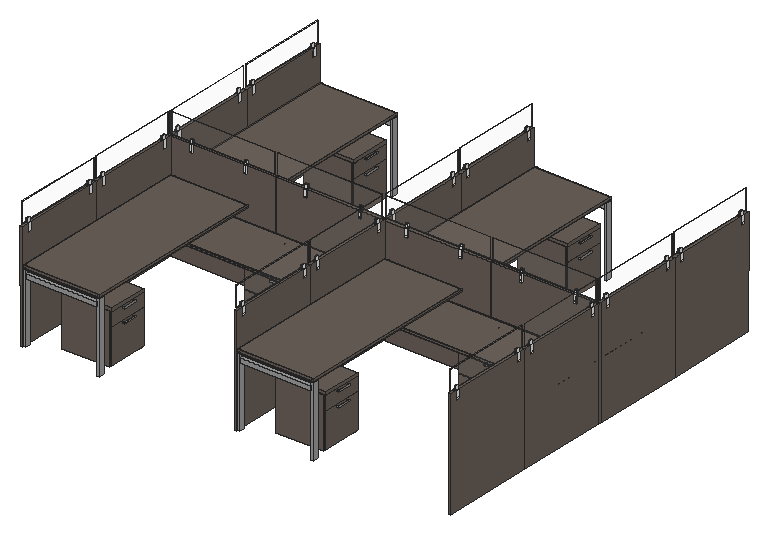
Revit family "OFS TYPICAL T200171", category Furniture, Revit 2022 (continued)
Definition of nested family "STAKS RECTANGULAR WORKSURFACES Worksurface Height"
  Parameters (values of type "STAKS RECTANGULAR WORKSURFACE 54 x 30")
    Depth = 2' - 6"
    Model = "6-MCT-54/30"
    Manufacturer = "OFS"
    Description = "OFS STAKS 54\" X 30\" RECTANGULAR WORKSURFACE For Worksurface or Low Height Applications, Short Grain"
    Width = 4' - 6"
    Default Elevation = 0' - 0"
    Copyright © = "© 2018 OFS"
    Catalog = "https://ofs.com/products/casegoods/private-office/staks"
    Authoring Version = "Autodesk Revit Architecture 2013"
    Assembly Code = "E2020200"
  Types (12): name | Depth | Model | Description | Width
    STAKS RECTANGULAR WORKSURFACE 60 x 30 | 2' - 6" | "6-MCT-60/30" | "OFS STAKS 60\" X 30\" RECTANGULAR WORKSURFACE For Worksurface or Low Height Applications, Short Grain" | 5' - 0"
    STAKS RECTANGULAR WORKSURFACE 66 x 30 | 2' - 6" | "6-MCT-66/30" | "OFS STAKS 66\" X 30\" RECTANGULAR WORKSURFACE For Worksurface or Low Height Applications, Short Grain" | 5' - 6"
    STAKS RECTANGULAR WORKSURFACE 72 x 30 | 2' - 6" | "6-MCT-72/30" | "OFS STAKS 72\" X 30\" RECTANGULAR WORKSURFACE For Worksurface or Low Height Applications, Short Grain" | 6' - 0"
    STAKS RECTANGULAR WORKSURFACE 78 x 30 | 2' - 6" | "6-MCT-78/30" | "OFS STAKS 78\" X 30\" RECTANGULAR WORKSURFACE For Worksurface or Low Height Applications, Short Grain" | 6' - 6"
    STAKS RECTANGULAR WORKSURFACE 84 x 30 | 2' - 6" | "6-MCT-84/30" | "OFS STAKS 84\" X 30\" RECTANGULAR WORKSURFACE For Worksurface or Low Height Applications, Short Grain" | 7' - 0"
    STAKS RECTANGULAR WORKSURFACE 96 x 30 | 2' - 6" | "6-MCT-96/30" | "OFS STAKS 96\" X 30\" RECTANGULAR WORKSURFACE For Worksurface or Low Height Applications, Short Grain" | 8' - 0"
    STAKS RECTANGULAR WORKSURFACE 54 x 30 | 2' - 6" | "6-MCT-54/30" | "OFS STAKS 54\" X 30\" RECTANGULAR WORKSURFACE For Worksurface or Low Height Applications, Short Grain" | 4' - 6"
    STAKS RECTANGULAR WORKSURFACE 60 x 36 | 3' - 0" | "6-MCT-60/36" | "OFS STAKS 60\" X 36\" RECTANGULAR WORKSURFACE For Worksurface or Low Height Applications, Short Grain" | 5' - 0"
    STAKS RECTANGULAR WORKSURFACE 66 x 36 | 3' - 0" | "6-MCT-66/36" | "OFS STAKS 66\" X 36\" RECTANGULAR WORKSURFACE For Worksurface or Low Height Applications, Short Grain" | 5' - 6"
    STAKS RECTANGULAR WORKSURFACE 72 x 36 | 3' - 0" | "6-MCT-72/36" | "OFS STAKS 72\" X 36\" RECTANGULAR WORKSURFACE For Worksurface or Low Height Applications, Short Grain" | 6' - 0"
    STAKS RECTANGULAR WORKSURFACE 78 x 36 | 3' - 0" | "6-MCT-78/36" | "OFS STAKS 78\" X 36\" RECTANGULAR WORKSURFACE For Worksurface or Low Height Applications, Short Grain" | 6' - 6"
    STAKS RECTANGULAR WORKSURFACE 84 x 36 | 3' - 0" | "6-MCT-84/36" | "OFS STAKS 84\" X 36\" RECTANGULAR WORKSURFACE For Worksurface or Low Height Applications, Short Grain" | 7' - 0"
  Reference planes (in)
    plane 1: z = -0.125
    plane 2 "LEFT": x = 7.55498
    plane 3 "RIGHT": x = 61.55498
    plane 4 "BACK": y = -1.83365
    plane 5 "FRONT": y = -31.83365
    plane 6: x = 7.67998
    plane 7: x = 61.42998
    plane 8: y = -1.95865
    plane 9: y = -31.70865
    plane 10: z = 27.75
    plane 11 "SURFACE TOP": z = 28.875
  Forms (in)
    Extrusion 1, solid
      sketch origin (0, 0, 17.125) x (-1, 0, 0) y (0, -1, 0)
        loop
          line (-7.67998, 1.95865) -> (-7.67998, 31.70865) -> (-61.42998, 31.70865) -> (-61.42998, 1.95865) -> (-7.67998, 1.95865)
      from 11.75 to 10.625
    Sweep 2, solid
      path origin (0, 0, 28.875) x (0, 1, 0) y (-1, 0, 0)
        loop
          line (-31.83365, -7.55498) -> (-31.83365, -61.55498) -> (-1.83365, -61.55498) -> (-1.83365, -7.55498) -> (-31.83365, -7.55498)
      profile origin (34.55498, -31.83365, 28.875) x (0, 1, 0) y (0, 0, 1)
        loop
          arc (0.125, 0) -> (0.03661, -0.03661) -> (0, -0.125) r 0.125
          line (0, -0.125) -> (0, -1)
          arc (0, -1) -> (0.03661, -1.08839) -> (0.125, -1.125) r 0.125
          line (0.125, -1.125) -> (0.125, 0)
  Lines and regions (in)
    Masking region 1
      outline origin (0, 0, 16.625) x (-1, 0, 0) y (0, -1, 0)
        loop
          line (-7.67998, 1.95865) -> (-7.55498, 1.83365) -> (-7.55498, 31.83365) -> (-7.67998, 31.70865) -> (-7.67998, 1.95865)
    Masking region 2
      outline origin (0, 0, 16.625) x (-1, 0, 0) y (0, -1, 0)
        loop
          line (-7.55498, 1.83365) -> (-7.67998, 1.95865) -> (-61.42998, 1.95865) -> (-61.55498, 1.83365) -> (-7.55498, 1.83365)
    Masking region 3
      outline origin (0, 0, 16.625) x (-1, 0, 0) y (0, -1, 0)
        loop
          line (-61.55498, 1.83365) -> (-61.42998, 1.95865) -> (-61.42998, 31.70865) -> (-61.55498, 31.83365) -> (-61.55498, 1.83365)
    Masking region 4
      outline origin (0, 0, 16.625) x (-1, 0, 0) y (0, -1, 0)
        loop
          line (-61.55498, 31.83365) -> (-61.42998, 31.70865) -> (-7.67998, 31.70865) -> (-7.55498, 31.83365) -> (-61.55498, 31.83365)
    Masking region 5
      outline origin (0, 0, 16.625) x (-1, 0, 0) y (0, -1, 0)
        loop
          line (-61.42998, 31.70865) -> (-61.42998, 1.95865) -> (-7.67998, 1.95865) -> (-7.67998, 31.70865) -> (-61.42998, 31.70865)
  Dimensions and locks (in)
    "Depth": plane 4 "BACK" to plane 5 "FRONT"
    "Width": plane 2 "LEFT" to plane 3 "RIGHT"
    "Height": plane 11 "SURFACE TOP" to plane 10
    locked: plane 4 "BACK" to plane 8 at 0.125
    locked: plane 2 "LEFT" to plane 6 at 0.125
    locked: plane 7 to plane 3 "RIGHT" at 0.125
    locked: plane 9 to plane 5 "FRONT" at 0.125
    "Height Above Floor": plane 11 "SURFACE TOP" to level
    aligned: level to plane 1
    aligned and locked: plane 8 to Extrusion 1 sketch curve
    aligned and locked: Extrusion 1 sketch curve to plane 6
    aligned and locked: Extrusion 1 sketch curve to plane 9
    aligned and locked: plane 7 to Extrusion 1 sketch curve
    aligned and locked: plane 11 "SURFACE TOP" to Extrusion 1
    aligned and locked: Extrusion 1 to plane 10
    aligned and locked: Sweep 2 sketch curve to plane 5 "FRONT"
    aligned and locked: Sweep 2 sketch curve to plane 2 "LEFT"
    aligned and locked: plane 4 "BACK" to Sweep 2 sketch curve
    aligned and locked: plane 3 "RIGHT" to Sweep 2 sketch curve
  Automatic sketch dimensions
    Masking region 1 sketch curve to plane 6 = 0' - 0"
    Masking region 1 sketch curve to plane 2 "LEFT" = 0' - 0"
    Masking region 1 sketch curve to plane 4 "BACK" = 0' - 0"
    Masking region 1 sketch curve to plane 8 = 0' - 0"
    Masking region 1 sketch curve to plane 9 = 0' - 0"
    Masking region 1 sketch curve to plane 5 "FRONT" = 0' - 0"
    Masking region 2 sketch curve to plane 3 "RIGHT" = 0' - 0"
    Masking region 2 sketch curve to plane 7 = 0' - 0"
    Masking region 2 sketch curve to plane 6 = 0' - 0"
    Masking region 2 sketch curve to plane 2 "LEFT" = 0' - 0"
    Masking region 2 sketch curve to plane 4 "BACK" = 0' - 0"
    Masking region 2 sketch curve to plane 8 = 0' - 0"
    Masking region 3 sketch curve to plane 3 "RIGHT" = 0' - 0"
    Masking region 3 sketch curve to plane 7 = 0' - 0"
    Masking region 3 sketch curve to plane 4 "BACK" = 0' - 0"
    Masking region 3 sketch curve to plane 8 = 0' - 0"
    Masking region 3 sketch curve to plane 9 = 0' - 0"
    Masking region 3 sketch curve to plane 5 "FRONT" = 0' - 0"
    Masking region 4 sketch curve to plane 3 "RIGHT" = 0' - 0"
    Masking region 4 sketch curve to plane 7 = 0' - 0"
    Masking region 4 sketch curve to plane 6 = 0' - 0"
    Masking region 4 sketch curve to plane 2 "LEFT" = 0' - 0"
    Masking region 4 sketch curve to plane 9 = 0' - 0"
    Masking region 4 sketch curve to plane 5 "FRONT" = 0' - 0"
    Masking region 5 sketch curve to plane 7 = 0' - 0"
    Masking region 5 sketch curve to plane 6 = 0' - 0"
    Masking region 5 sketch curve to plane 8 = 0' - 0"
    Masking region 5 sketch curve to plane 9 = 0' - 0"
    Sweep 2 sketch curve to profile plane = 0' - 0"
    Sweep 2 sketch curve to plane 11 "SURFACE TOP" = 0' - 0"
    Sweep 2 sketch curve to profile plane = 0' - 0 1/8"
    Sweep 2 sketch curve to Sweep 2 sketch curve = 0' - 0 7/8"
Definition of nested family "STAKS LOW HEIGHT PEDESTAL WIDE - BOX-FILE - NO RISER SUPPORT"
  Parameters (values of type "STAKS LOW HEIGHT PEDESTAL WIDE - BOX-FILE - NO RISER SUPPORT 24in W x 19in D")
    URL = "http://www.ofs.com/"
    Riser Support = 0' - 0"
    Model = "6-NL2419MPD8"
    Manufacturer = "OFS"
    Height = 1' - 9 7/8"
    Drawer Material = none
    Drawer Handle Width = 1' - 3 1/8"
    Drawer Handle Material = none
    Description = "OFS STAKS LOW HEIGHT PEDESTAL WIDE - BOX-FILE - NO RISER SUPPORT 24\" Width, 19\" Depth, One Box Drawer, One File Drawer, Use with 22\"D Worksurfaces"
    Width = 2' - 0"
    Depth = 1' - 7 3/8"
    Default Elevation = 0' - 0"
    DH2 = 0' - 6 1/2"
    DH1 = 1' - 2 3/8"
    Copyright © = "© 2018 OFS"
    Chasis Material = none
    Catalog = "https://ofs.com/products/casegoods/private-office/staks"
    Board Thickness = 0' - 0 3/4"
    Authoring Version = "Autodesk Revit Architecture 2013"
    Assembly Code = "E2020200"
  Types (6): name | Model | Description | Width | Depth
    STAKS LOW HEIGHT PEDESTAL WIDE - BOX-FILE - NO RISER SUPPORT 24in W x 19in D | "6-NL2419MPD8" | "OFS STAKS LOW HEIGHT PEDESTAL WIDE - BOX-FILE - NO RISER SUPPORT 24\" Width, 19\" Depth, One Box Drawer, One File Drawer, Use with 22\"D Worksurfaces" | 2' - 0" | 1' - 7 3/8"
    STAKS LOW HEIGHT PEDESTAL WIDE - BOX-FILE - NO RISER SUPPORT 24in W x 22in D | "6-NL2422MPD8" | "OFS STAKS LOW HEIGHT PEDESTAL WIDE - BOX-FILE - NO RISER SUPPORT 24\" Width, 22\" Depth, One Box Drawer, One File Drawer, Use with 22\"D Worksurfaces" | 2' - 0" | 1' - 9 7/8"
    STAKS LOW HEIGHT PEDESTAL WIDE - BOX-FILE - NO RISER SUPPORT 30in W x 19in D | "6-NL3019MPD8" | "OFS STAKS LOW HEIGHT PEDESTAL WIDE - BOX-FILE - NO RISER SUPPORT 30\" Width, 19\" Depth, One Box Drawer, One File Drawer, Use with 22\"D Worksurfaces" | 2' - 6" | 1' - 7 3/8"
    STAKS LOW HEIGHT PEDESTAL WIDE - BOX-FILE - NO RISER SUPPORT 30in W x 22in D | "6-NL3022MPD8" | "OFS STAKS LOW HEIGHT PEDESTAL WIDE - BOX-FILE - NO RISER SUPPORT 30\" Width, 22\" Depth, One Box Drawer, One File Drawer, Use with 22\"D Worksurfaces" | 2' - 6" | 1' - 9 7/8"
    STAKS LOW HEIGHT PEDESTAL WIDE - BOX-FILE - NO RISER SUPPORT 36in W x 19in D | "6-NL3619MPD8" | "OFS STAKS LOW HEIGHT PEDESTAL WIDE - BOX-FILE - NO RISER SUPPORT 36\" Width, 19\" Depth, One Box Drawer, One File Drawer, Use with 22\"D Worksurfaces" | 3' - 0" | 1' - 7 3/8"
    STAKS LOW HEIGHT PEDESTAL WIDE - BOX-FILE - NO RISER SUPPORT 36in W x 22in D | "6-NL3622MPD8" | "OFS STAKS LOW HEIGHT PEDESTAL WIDE - BOX-FILE - NO RISER SUPPORT 36\" Width, 22\" Depth, One Box Drawer, One File Drawer, Use with 22\"D Worksurfaces" | 3' - 0" | 1' - 9 7/8"
  Reference planes (in)
    plane 1: z = 0
    plane 2 "Right": x = 20.97711
    plane 3: z = 21.875
    plane 4: z = 14.375
    plane 5: z = 14.25
    plane 6: z = 0
    plane 7: z = 14
    plane 8: z = 21.625
    plane 9: z = 13.531
    plane 10: z = 21.15625
    plane 11: x = 8.97711
    plane 12: y = 1.37535
    plane 13: y = 0.62535
    plane 14: x = 9.03961
    plane 15: x = 32.91411
    plane 16: x = 9.72711
    plane 17: y = 20.00035
    plane 18: x = 32.97711
    plane 19: x = 32.22711
    plane 20: x = 13.41461
    plane 21: x = 13.78961
    plane 22: x = 28.53961
    plane 23: x = 28.16461
    plane 24: y = -0.18715
    plane 25: y = -0.37465
    plane 26: z = 0.25
    plane 27: y = 19.25035
    plane 28: z = 0.75
    plane 29: y = 16.75035
    plane 30: y = 4.37535
    plane 31: y = 8.37535
    plane 32: y = 12.75035
    plane 33: y = 5.00035
    plane 34: y = 13.37535
    plane 35: z = 22
  Forms (in)
    Extrusion 1, solid, material <- "Drawer Material"
      sketch origin (20.35211, 5, -13.1802) x (0, 1, 0) y (0, 0, 1)
        loop
          line (-4.37465, 27.4302) -> (-4.37465, 13.4302) -> (-3.62465, 13.4302) -> (-3.62465, 27.4302) -> (-4.37465, 27.4302)
      from -11.3125 to 12.562
    Extrusion 2, solid, material <- "Drawer Material"
      sketch origin (20.35211, 2.25, -7.68015) x (0, 1, 0) y (0, 0, 1)
        loop
          line (-1.62465, 29.55515) -> (-1.62465, 22.05515) -> (-0.87465, 22.05515) -> (-0.87465, 29.55515) -> (-1.62465, 29.55515)
      from -11.3125 to 12.562
    Extrusion 3, solid, material <- "Chasis Material"
      sketch origin (-3, -1.24965, 0) x (1, 0, 0) y (0, 0, 1)
        loop
          line (11.97711, 0) -> (12.72711, 0) -> (12.72711, 21.875) -> (11.97711, 21.875) -> (11.97711, 0)
      from -21.25 to -2.625
    Extrusion 4, solid, material <- "Chasis Material"
      sketch origin (19.35211, 31.02324, 0) x (0, 1, 0) y (0, 0, 1)
        loop
          line (-11.77289, 0) -> (-11.02289, 0) -> (-11.02289, 21.875) -> (-11.77289, 21.875) -> (-11.77289, 0)
      from -9.625 to 12.875
    Extrusion 5, solid, material <- "Drawer Handle Material"
      sketch origin (9, 0, 9.60933) x (1, 0, 0) y (0, 1, 0)
        loop
          line (4.41461, 0.62535) -> (4.41461, -0.37465) -> (19.53961, -0.37465) -> (19.53961, 0.62535) -> (19.16461, 0.62535) -> (19.16461, -0.18715) -> (4.78961, -0.18715) -> (4.78961, 0.62535) -> (4.41461, 0.62535)
      from 3.92167 to 4.39067
    Extrusion 6, solid, material <- "Drawer Handle Material"
      sketch origin (9, 0, 20.67137) x (1, 0, 0) y (0, 1, 0)
        loop
          line (4.41461, 0.62535) -> (4.41461, -0.37465) -> (19.53961, -0.37465) -> (19.53961, 0.62535) -> (19.16461, 0.62535) -> (19.16461, -0.18715) -> (4.78961, -0.18715) -> (4.78961, 0.62535) -> (4.41461, 0.62535)
      from 0.48488 to 0.95363
    Extrusion 7, solid, material <- "Chasis Material"
      sketch origin (0, 0, 0) x (1, 0, 0) y (0, 1, 0)
        loop
          line (32.97711, 20.00035) -> (32.22711, 20.00035) -> (32.22711, 1.37535) -> (32.97711, 1.37535) -> (32.97711, 20.00035)
      from 0 to 21.875
    Extrusion 8, solid, material <- "Chasis Material"
      sketch origin (-29.79592, -7.12465, 7.24693) x (1, 0, 0) y (0, 0, 1)
        loop
          line (39.52304, 13.90932) -> (62.02304, 13.90932) -> (62.02304, 14.62807) -> (39.52304, 14.62807) -> (39.52304, 13.90932)
      from -26.375 to -8.5
    Extrusion 9, solid, material <- "Chasis Material"
      sketch origin (-31.5409, -1.62465, -42.72261) x (1, 0, 0) y (0, 0, 1)
        loop
          line (41.26801, 42.72261) -> (63.76801, 42.72261) -> (63.76801, 43.47261) -> (41.26801, 43.47261) -> (41.26801, 42.72261)
      from -20.875 to -3
    Extrusion 10, solid
      sketch origin (0, 0, 0) x (1, 0, 0) y (0, 1, 0)
        loop
          line (32.91411, 20.00035) -> (32.22711, 20.00035) -> (32.22711, 1.37535) -> (32.91411, 1.37535) -> (32.91411, 20.00035)
        loop
          line (9.03961, 20.00035) -> (9.03961, 1.37535) -> (9.72711, 1.37535) -> (9.72711, 20.00035) -> (9.03961, 20.00035)
      from 21.875 to 22
  Dimensions and locks (in)
    "Board Thickness": plane 13 to plane 12
    locked: plane 11 to plane 14 at 0.0625
    "Board Thickness": plane 11 to plane 16
    locked: plane 15 to plane 18 at 0.063
    "Width": plane 11 to plane 18
    Extrusion 7 sketch curve to plane 18 = 0' - 0 3/4"
    "Board Thickness": plane 19 to plane 18
    equal spacing: plane 11, plane 2 "Right", plane 18
    locked: plane 20 to plane 21 at 0.375
    locked: plane 23 to plane 22 at 0.375
    equal spacing: plane 20, plane 2 "Right", plane 22
    "Drawer Handle Width": plane 20 to plane 22
    plane 25 to plane 24 to plane 13 = 0' - 0 3/16" locked, 0' - 0 13/16" locked
    "Riser Support": plane 6 to level
    "Height": plane 3 to plane 6
    "DH1": plane 4 to plane 6
    locked: plane 26 to plane 6 at 0.25
    "Board Thickness": plane 27 to plane 17
    "Depth": plane 13 to plane 17
    plane 4 to plane 5 to plane 7 to plane 9 = 0' - 0 1/8" locked, 0' - 0 1/4" locked, 0' - 0.469" locked
    plane 3 to plane 8 to plane 10 = 0' - 0 1/4" locked, 0' - 0 15/32" locked
    "Board Thickness": plane 28 to plane 6
    plane 12 to plane 30 to plane 31 = 0' - 3" locked, 0' - 4" locked
    plane 32 to plane 29 to plane 27 = 0' - 4" locked, 0' - 2 1/2" locked
    locked: plane 30 to plane 33 at 0.625
    locked: plane 32 to plane 34 at 0.625
    locked: plane 35 to plane 3 at 0.125
    aligned and locked: level to plane 1
    aligned and locked: Extrusion 1 to plane 14
    aligned and locked: plane 15 to Extrusion 1
    aligned and locked: Extrusion 2 to plane 12
    aligned and locked: plane 13 to Extrusion 2
    aligned and locked: plane 15 to Extrusion 2
    aligned and locked: Extrusion 2 to plane 14
    aligned and locked: plane 12 to Extrusion 3
    aligned and locked: Extrusion 3 to plane 17
    aligned and locked: Extrusion 4 to plane 16
    aligned and locked: plane 16 to Extrusion 3
    aligned and locked: Extrusion 3 to plane 11
    aligned and locked: Extrusion 4 to plane 17
    aligned and locked: Extrusion 1 sketch curve to plane 12
    aligned and locked: plane 13 to Extrusion 1 sketch curve
    aligned and locked: plane 19 to Extrusion 4
    aligned and locked: plane 3 to Extrusion 3
    aligned and locked: Extrusion 6 to plane 22
    aligned and locked: Extrusion 5 to plane 22
    aligned and locked: plane 23 to Extrusion 6
    aligned and locked: plane 23 to Extrusion 5
    aligned and locked: plane 21 to Extrusion 6
    aligned and locked: plane 21 to Extrusion 5
    aligned and locked: Extrusion 6 to plane 20
    aligned and locked: Extrusion 5 to plane 20
    aligned and locked: plane 24 to Extrusion 6
    aligned and locked: plane 7 to Extrusion 5
    aligned and locked: Extrusion 5 to plane 9
    aligned and locked: plane 3 to Extrusion 4
    aligned and locked: Extrusion 1 to plane 26
    aligned and locked: Extrusion 7 to plane 19
    aligned and locked: plane 3 to Extrusion 7
    aligned and locked: Extrusion 7 to plane 6
    aligned and locked: plane 3 to Extrusion 8
    aligned and locked: Extrusion 8 to plane 10
    aligned and locked: plane 28 to Extrusion 9
    aligned and locked: Extrusion 9 to plane 6
    aligned and locked: Extrusion 9 to plane 27
    aligned and locked: plane 12 to Extrusion 9
    aligned and locked: plane 19 to Extrusion 9
    aligned and locked: Extrusion 9 to plane 16
    aligned and locked: Extrusion 10 to plane 3
    aligned and locked: plane 35 to Extrusion 10
    aligned and locked: plane 3 to Extrusion 2
    aligned and locked: plane 8 to Extrusion 6
    aligned and locked: Extrusion 6 to plane 10
    aligned and locked: Extrusion 8 to plane 27
    aligned and locked: plane 12 to Extrusion 8
  Automatic sketch dimensions
    Extrusion 1 sketch curve to plane 26 = 0' - 0"
    Extrusion 1 sketch curve to plane 5 = 0' - 0"
    Extrusion 2 sketch curve to plane 13 = 0' - 0"
    Extrusion 2 sketch curve to plane 4 = 0' - 0"
    Extrusion 2 sketch curve to plane 12 = 0' - 0"
    Extrusion 3 sketch curve to plane 6 = 0' - 0"
    Extrusion 3 sketch curve to plane 11 = 0' - 0"
    Extrusion 3 sketch curve to plane 3 = 0' - 0"
    Extrusion 3 sketch curve to plane 16 = 0' - 0"
    Extrusion 4 sketch curve to plane 6 = 0' - 0"
    Extrusion 4 sketch curve to plane 3 = 0' - 0"
    Extrusion 4 sketch curve to plane 17 = 0' - 0"
    plane 27 to Extrusion 4 sketch curve = 0' - 0"
    plane 13 to Extrusion 5 sketch curve = 0' - 0"  (x2)
    Extrusion 5 sketch curve to plane 20 = 0' - 0"
    Extrusion 5 sketch curve to plane 21 = 0' - 0"
    Extrusion 5 sketch curve to plane 23 = 0' - 0"
    Extrusion 5 sketch curve to plane 22 = 0' - 0"
    plane 25 to Extrusion 5 sketch curve = 0' - 0"
    plane 24 to Extrusion 5 sketch curve = 0' - 0"
    plane 13 to Extrusion 6 sketch curve = 0' - 0"  (x2)
    Extrusion 6 sketch curve to plane 20 = 0' - 0"
    Extrusion 6 sketch curve to plane 21 = 0' - 0"
    Extrusion 6 sketch curve to plane 23 = 0' - 0"
    Extrusion 6 sketch curve to plane 22 = 0' - 0"
    plane 25 to Extrusion 6 sketch curve = 0' - 0"
    plane 24 to Extrusion 6 sketch curve = 0' - 0"
    plane 12 to Extrusion 7 sketch curve = 0' - 0"
    Extrusion 7 sketch curve to plane 18 = 0' - 0"
    plane 17 to Extrusion 7 sketch curve = 0' - 0"
    Extrusion 8 sketch curve to plane 10 = 0' - 0"
    Extrusion 8 sketch curve to plane 16 = 0' - 0"
    Extrusion 8 sketch curve to plane 3 = 0' - 0"
    Extrusion 8 sketch curve to plane 19 = 0' - 0"
    plane 14 to Extrusion 9 sketch curve = 0' - 0 11/16"
    Extrusion 9 sketch curve to plane 6 = 0' - 0"
    plane 6 to Extrusion 9 sketch curve = 0' - 0 3/4"
    Extrusion 9 sketch curve to plane 19 = 0' - 0"
    Extrusion 10 sketch curve to plane 14 = 0' - 0"
    Extrusion 10 sketch curve to plane 15 = 0' - 0"
    Extrusion 10 sketch curve to plane 13 = 0' - 0 3/4"  (x2)
    Extrusion 10 sketch curve to plane 19 = 0' - 0"
    plane 17 to Extrusion 10 sketch curve = 0' - 0"  (x2)
    plane 4 to Extrusion 2 sketch curve = 0' - 7 1/2"
    Extrusion 10 sketch curve to plane 16 = 0' - 0"
Definition of nested family "STAKS SPINE OR DIVIDER WALL 42in"
  Parameters (values of type "STAKS SPINE OR DIVIDER WALL 42in X 24in")
    URL = "http://www.ofs.com/"
    Height Above Floor [instance] = 3' - 6"
    Height = 3' - 6"
    Depth = 0' - 1"
    Model = "6-PAN-42/24"
    Manufacturer = "OFS"
    Description = "OFS STAKS SPINE OR DIVIDER WALL 42\" Height x 24\" Width, Levelers allow 2.5\" Height Adjustability for Uneven Floor"
    Width = 2' - 0"
    Default Elevation = 0' - 0"
    Copyright © = "© 2018 OFS"
    Catalog = "https://ofs.com/products/casegoods/private-office/staks"
    Authoring Version = "Autodesk Revit Architecture 2013"
    Assembly Code = "E2020200"
  Types (19): name | Model | Description | Width
    STAKS SPINE OR DIVIDER WALL 42in X 24in | "6-PAN-42/24" | "OFS STAKS SPINE OR DIVIDER WALL 42\" Height x 24\" Width, Levelers allow 2.5\" Height Adjustability for Uneven Floor" | 2' - 0"
    STAKS SPINE OR DIVIDER WALL 42in X 33in | "6-PAN-42/33" | "OFS STAKS SPINE OR DIVIDER WALL 42\" Height x 33\" Width, Levelers allow 2.5\" Height Adjustability for Uneven Floor" | 2' - 9"
    STAKS SPINE OR DIVIDER WALL 42in X 26in | "6-PAN-42/26" | "OFS STAKS SPINE OR DIVIDER WALL 42\" Height x 26\" Width, Levelers allow 2.5\" Height Adjustability for Uneven Floor" | 2' - 2"
    STAKS SPINE OR DIVIDER WALL 42in X 30in | "6-PAN-42/30" | "OFS STAKS SPINE OR DIVIDER WALL 42\" Height x 30\" Width, Levelers allow 2.5\" Height Adjustability for Uneven Floor" | 2' - 6"
    STAKS SPINE OR DIVIDER WALL 42in X 36in | "6-PAN-42/36" | "OFS STAKS SPINE OR DIVIDER WALL 42\" Height x 36\" Width, Levelers allow 2.5\" Height Adjustability for Uneven Floor" | 3' - 0"
    STAKS SPINE OR DIVIDER WALL 42in X 37in | "6-PAN-42/37" | "OFS STAKS SPINE OR DIVIDER WALL 42\" Height x 37\" Width, Levelers allow 2.5\" Height Adjustability for Uneven Floor" | 3' - 1"
    STAKS SPINE OR DIVIDER WALL 42in X 39in | "6-PAN-42/39" | "OFS STAKS SPINE OR DIVIDER WALL 42\" Height x 39\" Width, Levelers allow 2.5\" Height Adjustability for Uneven Floor" | 3' - 3"
    STAKS SPINE OR DIVIDER WALL 42in X 40in | "6-PAN-42/40" | "OFS STAKS SPINE OR DIVIDER WALL 42\" Height x 40\" Width, Levelers allow 2.5\" Height Adjustability for Uneven Floor" | 3' - 4"
    STAKS SPINE OR DIVIDER WALL 42in X 42in | "6-PAN-42/42" | "OFS STAKS SPINE OR DIVIDER WALL 42\" Height x 42\" Width, Levelers allow 2.5\" Height Adjustability for Uneven Floor" | 3' - 6"
    STAKS SPINE OR DIVIDER WALL 42in X 44in | "6-PAN-42/44" | "OFS STAKS SPINE OR DIVIDER WALL 42\" Height x 44\" Width, Levelers allow 2.5\" Height Adjustability for Uneven Floor" | 3' - 8"
    STAKS SPINE OR DIVIDER WALL 42in X 45in | "6-PAN-42/45" | "OFS STAKS SPINE OR DIVIDER WALL 42\" Height x 45\" Width, Levelers allow 2.5\" Height Adjustability for Uneven Floor" | 3' - 9"
    STAKS SPINE OR DIVIDER WALL 42in X 47in | "6-PAN-42/47" | "OFS STAKS SPINE OR DIVIDER WALL 42\" Height x 47\" Width, Levelers allow 2.5\" Height Adjustability for Uneven Floor" | 3' - 11"
    STAKS SPINE OR DIVIDER WALL 42in X 48in | "6-PAN-42/48" | "OFS STAKS SPINE OR DIVIDER WALL 42\" Height x 48\" Width, Levelers allow 2.5\" Height Adjustability for Uneven Floor" | 4' - 0"
    STAKS SPINE OR DIVIDER WALL 42in X 49in | "6-PAN-42/49" | "OFS STAKS SPINE OR DIVIDER WALL 42\" Height x 49\" Width, Levelers allow 2.5\" Height Adjustability for Uneven Floor" | 4' - 1"
    STAKS SPINE OR DIVIDER WALL 42in X 52in | "6-PAN-42/52" | "OFS STAKS SPINE OR DIVIDER WALL 42\" Height x 52\" Width, Levelers allow 2.5\" Height Adjustability for Uneven Floor" | 4' - 4"
    STAKS SPINE OR DIVIDER WALL 42in X 54in | "6-PAN-42/54" | "OFS STAKS SPINE OR DIVIDER WALL 42\" Height x 54\" Width, Levelers allow 2.5\" Height Adjustability for Uneven Floor" | 4' - 6"
    STAKS SPINE OR DIVIDER WALL 42in X 56in | "6-PAN-42/56" | "OFS STAKS SPINE OR DIVIDER WALL 42\" Height x 56\" Width, Levelers allow 2.5\" Height Adjustability for Uneven Floor" | 4' - 8"
    STAKS SPINE OR DIVIDER WALL 42in X 58in | "6-PAN-42/58" | "OFS STAKS SPINE OR DIVIDER WALL 42\" Height x 58\" Width, Levelers allow 2.5\" Height Adjustability for Uneven Floor" | 4' - 10"
    STAKS SPINE OR DIVIDER WALL 42in X 59in | "6-PAN-42/59" | "OFS STAKS SPINE OR DIVIDER WALL 42\" Height x 59\" Width, Levelers allow 2.5\" Height Adjustability for Uneven Floor" | 4' - 11"
  Reference planes (in)
    plane 1: z = -0.125
    plane 2 "LEFT": x = 7.55498
    plane 3 "RIGHT": x = 31.55498
    plane 4 "BACK": y = -1.83365
    plane 5 "FRONT": y = -2.83365
    plane 6: x = 7.67998
    plane 7: x = 31.42998
    plane 8: y = -1.95865
    plane 9: y = -2.70865
    plane 10: z = -0.125
    plane 11 "SURFACE TOP": z = 41.875
  Forms (in)
    Extrusion 1, solid
      sketch origin (0, 0, 17.125) x (-1, 0, 0) y (0, -1, 0)
        loop
          line (-7.55498, 1.83365) -> (-7.55498, 2.83365) -> (-31.55498, 2.83365) -> (-31.55498, 1.83365) -> (-7.55498, 1.83365)
      from 24.75 to -17.25
  Lines and regions (in)
    symbolic lines
      curve 1: line (7.55498, -1.83365, 41.875) -> (31.55498, -1.83365, 41.875)
      curve 2: line (7.55498, -2.83365, 41.875) -> (7.55498, -1.83365, 41.875)
      curve 3: line (31.55498, -2.83365, 41.875) -> (7.55498, -2.83365, 41.875)
      curve 4: line (31.55498, -1.83365, 41.875) -> (31.55498, -2.83365, 41.875)
  Dimensions and locks (in)
    "Depth": plane 4 "BACK" to plane 5 "FRONT"
    "Width": plane 2 "LEFT" to plane 3 "RIGHT"
    "Height": plane 11 "SURFACE TOP" to plane 10
    locked: plane 4 "BACK" to plane 8 at 0.125
    locked: plane 2 "LEFT" to plane 6 at 0.125
    locked: plane 7 to plane 3 "RIGHT" at 0.125
    locked: plane 9 to plane 5 "FRONT" at 0.125
    "Height Above Floor": plane 11 "SURFACE TOP" to level
    aligned: level to plane 1
    aligned and locked: plane 11 "SURFACE TOP" to Extrusion 1
    aligned and locked: Extrusion 1 to plane 10
    aligned and locked: plane 4 "BACK" to Extrusion 1 sketch curve
    aligned and locked: Extrusion 1 sketch curve to plane 2 "LEFT"
    aligned and locked: Extrusion 1 sketch curve to plane 5 "FRONT"
    aligned and locked: plane 3 "RIGHT" to Extrusion 1 sketch curve
    aligned and locked: curve 1 to Extrusion 1
    aligned and locked: curve 2 to Extrusion 1
    aligned and locked: curve 3 to Extrusion 1
    aligned and locked: curve 4 to Extrusion 1
Definition of nested family "STAKS FROSTED ACRYLIC PRIVACY PANEL 8in"
  Parameters (values of type "STAKS FROSTED ACRYLIC PRIVACY PANEL 23in")
    Width = 1' - 11"
    URL = "http://www.ofs.com/"
    Model = "6-PVPA-23/8"
    Manufacturer = "OFS"
    Height From Floor = 4' - 8"
    Height = 0' - 8"
    Description = "OFS STAKS FROSTED ACRYLIC PRIVACY PANEL 23in Width, Rests on Top Edge of Wall Panel"
    Depth = 0' - 0 1/4"
    Default Elevation = 0' - 0"
    Copyright © = "© 2018 OFS"
    Catalog = "https://ofs.com/products/casegoods/private-office/staks"
    Shelf Material = none
    Authoring Version = "Autodesk Revit Architecture 2013"
    Assembly Code = "E2020200"
  Types (10): name | Width | Model | Description
    STAKS FROSTED ACRYLIC PRIVACY PANEL 23in | 1' - 11" | "6-PVPA-23/8" | "OFS STAKS FROSTED ACRYLIC PRIVACY PANEL 23in Width, Rests on Top Edge of Wall Panel"
    STAKS FROSTED ACRYLIC PRIVACY PANEL 29in | 2' - 5" | "6-PVPA-29/8" | "OFS STAKS FROSTED ACRYLIC PRIVACY PANEL 29in Width, Rests on Top Edge of Wall Panel"
    STAKS FROSTED ACRYLIC PRIVACY PANEL 31in | 2' - 5" | "6-PVPA-31/8" | "OFS STAKS FROSTED ACRYLIC PRIVACY PANEL 31in Width, Rests on Top Edge of Wall Panel"
    STAKS FROSTED ACRYLIC PRIVACY PANEL 35in | 2' - 11" | "6-PVPA-35/8" | "OFS STAKS FROSTED ACRYLIC PRIVACY PANEL 35in Width, Rests on Top Edge of Wall Panel"
    STAKS FROSTED ACRYLIC PRIVACY PANEL 41in | 3' - 5" | "6-PVPA-41/8" | "OFS STAKS FROSTED ACRYLIC PRIVACY PANEL 41in Width, Rests on Top Edge of Wall Panel"
    STAKS FROSTED ACRYLIC PRIVACY PANEL 47in | 3' - 11" | "6-PVPA-47/8" | "OFS STAKS FROSTED ACRYLIC PRIVACY PANEL 47in Width, Rests on Top Edge of Wall Panel"
    STAKS FROSTED ACRYLIC PRIVACY PANEL 53in | 4' - 5" | "6-PVPA-53/8" | "OFS STAKS FROSTED ACRYLIC PRIVACY PANEL 53in Width, Rests on Top Edge of Wall Panel"
    STAKS FROSTED ACRYLIC PRIVACY PANEL 57in | 4' - 9" | "6-PVPA-57/8" | "OFS STAKS FROSTED ACRYLIC PRIVACY PANEL 57in Width, Rests on Top Edge of Wall Panel"
    STAKS FROSTED ACRYLIC PRIVACY PANEL 71in | 5' - 11" | "6-PVPA-71/8" | "OFS STAKS FROSTED ACRYLIC PRIVACY PANEL 71in Width, Rests on Top Edge of Wall Panel"
    STAKS FROSTED ACRYLIC PRIVACY PANEL 72.5in | 6' - 0 1/2" | "6-PVPA-72.5/8" | "OFS STAKS FROSTED ACRYLIC PRIVACY PANEL 72.5in Width, Rests on Top Edge of Wall Panel"
  Reference planes (in)
    plane 1: z = 0
    plane 2 "Center (Front/Back)": y = 2.75035
    plane 3 "LEFT": x = -28
    plane 4 "BASE TOP": z = 56
    plane 5 "RIGHT": x = -5
    plane 6: z = 48
    plane 7: y = 2.87535
    plane 8 "CENTER": x = -16.5
    plane 9: y = 2.62535
  Forms (in)
    Extrusion 1, solid, material <- "Shelf Material"
      sketch origin (0, 2.75035, 0) x (1, 0, 0) y (0, 0, 1)
        loop
          line (-28, 56) -> (-28, 48) -> (-5, 48) -> (-5, 56) -> (-28, 56)
      from -0.125 to 0.125
  Dimensions and locks (in)
    "Height From Floor": plane 4 "BASE TOP" to plane 1
    "Height": plane 4 "BASE TOP" to plane 6
    equal spacing: plane 3 "LEFT", plane 8 "CENTER", plane 5 "RIGHT"
    equal spacing: plane 9, plane 2 "Center (Front/Back)", plane 7
    "Width": plane 3 "LEFT" to plane 5 "RIGHT"
    "Depth": plane 9 to plane 7
    aligned and locked: level to plane 1
    aligned and locked: Extrusion 1 sketch curve to plane 4 "BASE TOP"
    aligned and locked: plane 3 "LEFT" to Extrusion 1 sketch curve
    aligned and locked: Extrusion 1 sketch curve to plane 6
    aligned and locked: Extrusion 1 sketch curve to plane 5 "RIGHT"
    aligned and locked: Extrusion 1 to plane 7
    aligned and locked: plane 9 to Extrusion 1
Definition of nested family "STAKS BENCHING CANTILEVER WORKSURFACE BRACKET - OPEN"
  Parameters (values of type "STAKS CANTILEVER WORKSURFACE BRACKET - OPEN 36in")
    Width = 0' - 1 1/2"
    URL = "http://www.ofs.com/"
    Model = "OWSBKT36"
    Manufacturer = "OFS"
    Height From Floor = 2' - 3 7/8"
    Height = 0' - 7"
    Description = "OFS STAKS BENCHING CANTILEVER WORKSURFACE BRACKET - Open Cantilever Worksurface Bracket for 36\"W Top"
    Depth = 2' - 4"
    Default Elevation = 0' - 0"
    Copyright © = "© 2018 OFS"
    Catalog = "https://ofs.com/products/open-plan/benching/staks"
    Bracket Material = none
    Authoring Version = "Autodesk Revit Architecture 2013"
    Assembly Code = "E2020200"
    Alpha = 0' - 1"
  Types (4): name | URL | Model | Manufacturer | Description | Depth | Copyright © | Catalog | Alpha
    CANTILEVER WORKSURFACE BRACKET - OPEN 14in | "http://www.ofsbrands.com/" | "OWSBKT14" | "FIRST OFFICE" | "OFS BRANDS FIRST OFFICE STAKS BENCHING CANTILEVER WORKSURFACE BRACKET - Open Cantilever Worksurface Bracket for 14\"W Top" | 0' - 11" | "© 2018 OFS BRANDS" | "http://www.firstoffice.com/products/crossover/staks_benching/" | 0' - 0 1/2"
    CANTILEVER WORKSURFACE BRACKET - OPEN 22in | "http://www.ofsbrands.com/" | "OWSBKT22" | "FIRST OFFICE" | "OFS BRANDS FIRST OFFICE STAKS BENCHING CANTILEVER WORKSURFACE BRACKET - Open Cantilever Worksurface Bracket for 22\"W Top" | 1' - 4" | "© 2018 OFS BRANDS" | "http://www.firstoffice.com/products/crossover/staks_benching/" | 0' - 0 5/8"
    CANTILEVER WORKSURFACE BRACKET - OPEN 30in | "http://www.ofsbrands.com/" | "OWSBKT30" | "FIRST OFFICE" | "OFS BRANDS FIRST OFFICE STAKS BENCHING CANTILEVER WORKSURFACE BRACKET - Open Cantilever Worksurface Bracket for 30\"W Top" | 1' - 10" | "© 2018 OFS BRANDS" | "http://www.firstoffice.com/products/crossover/staks_benching/" | 0' - 0 7/8"
    STAKS CANTILEVER WORKSURFACE BRACKET - OPEN 36in | "http://www.ofs.com/" | "OWSBKT36" | "OFS" | "OFS STAKS BENCHING CANTILEVER WORKSURFACE BRACKET - Open Cantilever Worksurface Bracket for 36\"W Top" | 2' - 4" | "© 2018 OFS" | "https://ofs.com/products/open-plan/benching/staks" | 0' - 1"
  Reference planes (in)
    plane 1: z = 0
    plane 2 "Center (Front/Back)": y = -11.12465
    plane 3 "LEFT": x = -17.25
    plane 4 "BASE TOP": z = 27.875
    plane 5 "RIGHT": x = -15.75
    plane 6: z = 20.875
    plane 7: y = 2.87535
    plane 8 "CENTER": x = -16.5
    plane 9: y = -25.12465
    plane 10: z = 25.875
    plane 11: y = 0.87535
    plane 12: z = 21.375
    plane 13: y = -24.62465
    plane 14: x = -16.375
    plane 15: x = -16.625
    plane 16: y = -23.62465
  Forms (in)
    Extrusion 1, solid, material <- "Bracket Material"
      sketch origin (-16.5, 0, 0) x (0, 1, 0) y (0, 0, 1)
        loop
          line (-25.12465, 27.875) -> (-25.12465, 27.82031) -> (0.8527, 27.82031) -> (2.82066, 25.85235) -> (2.82066, 20.875) -> (2.87535, 20.875) -> (2.87535, 25.875) -> (0.87535, 27.875) -> (-25.12465, 27.875)
      from -0.75 to 0.75
    Extrusion 2, solid
      sketch origin (-16.5, 0, 0) x (0, 1, 0) y (0, 0, 1)
        loop
          line (2.82066, 21.375) -> (2.82066, 21.66876) -> (-23.62465, 27.82031) -> (-24.62465, 27.82031) -> (2.82066, 21.375)
      from -0.125 to 0.125
    Extrusion 3, void
      sketch origin (0, -11.12465, 0) x (1, 0, 0) y (0, 0, 1)
        loop
          circle (-16.99183, 23.37543) r 0.09375
        loop
          circle (-16.99183, 25.56923) r 0.09375
        loop
          circle (-16.99183, 21.18077) r 0.09375
        loop
          line (-16.10192, 24.58008) -> (-16.10192, 24.41381)
          arc (-16.10192, 24.41381) -> (-16.00817, 24.32006) -> (-15.91442, 24.41381) r 0.09375
          line (-15.91442, 24.41381) -> (-15.91442, 24.58008)
          arc (-15.91442, 24.58008) -> (-16.00817, 24.67383) -> (-16.10192, 24.58008) r 0.09375
        loop
          arc (-16.10192, 22.16992) -> (-16.00817, 22.07617) -> (-15.91442, 22.16992) r 0.09375
          line (-15.91442, 22.16992) -> (-15.91442, 22.33619)
          arc (-15.91442, 22.33619) -> (-16.00817, 22.42994) -> (-16.10192, 22.33619) r 0.09375
          line (-16.10192, 22.33619) -> (-16.10192, 22.16992)
      from -14 to -3.47735
    Extrusion 4, void
      sketch origin (0, 0, 0) x (1, 0, 0) y (0, 1, 0)
        loop
          circle (-16.93617, 0.25038) r 0.09375
        loop
          circle (-16.06383, -1.74962) r 0.09375
        loop
          circle (-16.93617, -3.74962) r 0.09375
        loop
          circle (-16.06383, -5.74962) r 0.09375
        loop
          circle (-16.93617, -7.74962) r 0.09375
        loop
          circle (-16.06383, -9.74962) r 0.09375
        loop
          circle (-16.93617, -11.74962) r 0.09375
        loop
          circle (-16.06383, -13.74962) r 0.09375
        loop
          circle (-16.93617, -15.74962) r 0.09375
        loop
          circle (-16.06383, -17.74962) r 0.09375
        loop
          circle (-16.93617, -19.74962) r 0.09375
        loop
          circle (-16.06383, -21.74962) r 0.09375
        loop
          circle (-16.93617, -23.74962) r 0.09375
        loop
          circle (-16.06383, -25.74962) r 0.09375
        loop
          circle (-16.93617, -27.74962) r 0.09375
        loop
          circle (-16.06383, -29.74962) r 0.09375
      from 25.0365 to 29.23009
    Extrusion 5, void, not visible
      sketch origin (0, 0, 0) x (1, 0, 0) y (0, 1, 0)
        loop
          circle (-16.93617, 0.25038) r 0.09375
        loop
          circle (-16.06383, -1.74962) r 0.09375
        loop
          circle (-16.93617, -3.74962) r 0.09375
        loop
          circle (-16.06383, -5.74962) r 0.09375
        loop
          circle (-16.93617, -7.74962) r 0.09375
        loop
          circle (-16.06383, -9.74962) r 0.09375
        loop
          circle (-16.93617, -11.74962) r 0.09375
        loop
          circle (-16.06383, -13.74962) r 0.09375
        loop
          circle (-16.93617, -15.74962) r 0.09375
        loop
          circle (-16.06383, -17.74962) r 0.09375
        loop
          circle (-16.93617, -19.74962) r 0.09375
        loop
          circle (-16.06383, -21.74962) r 0.09375
        loop
          circle (-16.93617, -23.74962) r 0.09375
        loop
          circle (-16.06383, -25.74962) r 0.09375
        loop
          circle (-16.93617, -27.74962) r 0.09375
        loop
          circle (-16.06383, -29.74962) r 0.09375
      from 25.0365 to 29.23009
  Cuts and joins
    Extrusion 3, Extrusion 4 cuts Extrusion 1
  Dimensions and locks (in)
    "Height From Floor": plane 4 "BASE TOP" to plane 1
    "Height": plane 4 "BASE TOP" to plane 6
    equal spacing: plane 3 "LEFT", plane 8 "CENTER", plane 5 "RIGHT"
    equal spacing: plane 9, plane 2 "Center (Front/Back)", plane 7
    "Width": plane 3 "LEFT" to plane 5 "RIGHT"
    "Depth": plane 9 to plane 7
    locked: plane 4 "BASE TOP" to plane 10 at 2
    locked: plane 7 to plane 11 at 2
    locked: plane 13 to plane 9 at 0.5
    locked: plane 6 to plane 12 at 0.5
    plane 14 to plane 8 "CENTER" to plane 15 = 0' - 0 1/8" locked, 0' - 0 1/8" locked
    "Alpha": plane 16 to plane 13
    aligned and locked: level to plane 1
    aligned and locked: Extrusion 1 sketch curve to plane 4 "BASE TOP"
    aligned and locked: plane 7 to Extrusion 1 sketch curve
    aligned and locked: plane 9 to Extrusion 1 sketch curve
    aligned and locked: plane 6 to Extrusion 1 sketch curve
    aligned and locked: Extrusion 1 to plane 3 "LEFT"
    aligned and locked: plane 5 "RIGHT" to Extrusion 1
    aligned and locked: Extrusion 2 sketch curve to Extrusion 1
    aligned and locked: plane 15 to Extrusion 2
    aligned and locked: plane 14 to Extrusion 2
    aligned and locked: Extrusion 1 to Extrusion 2 sketch curve
    aligned and locked: Extrusion 3 to plane 7
  Automatic sketch dimensions
    plane 7 to Extrusion 1 sketch curve = 0' - 0 7/128"
    Extrusion 1 sketch curve to plane 11 = 0' - 0"
    plane 10 to Extrusion 1 sketch curve = 0' - 0"
    plane 11 to Extrusion 1 sketch curve = 0' - 0.02265"
    plane 10 to Extrusion 1 sketch curve = 0' - 0.02265"
    plane 4 "BASE TOP" to Extrusion 1 sketch curve = 0' - 0 7/128"
    Extrusion 2 sketch curve to plane 13 = 0' - 0"
    plane 12 to Extrusion 2 sketch curve = 0' - 0"
    Extrusion 2 sketch curve to plane 16 = 0' - 0"
    Extrusion 2 sketch curve to Extrusion 2 sketch curve = 0' - 0.29376"
    plane 14 to Extrusion 3 sketch curve = 0' - 0.27308"
    Extrusion 3 sketch curve to plane 5 "RIGHT" = 0' - 0.16442"  (x2)
    Extrusion 3 sketch curve to plane 12 = 0' - 0.79492"
    Extrusion 3 sketch curve to Extrusion 3 sketch curve = 0' - 0 3/16"
    plane 3 "LEFT" to Extrusion 3 sketch curve = 0' - 0.25817"  (x3)
    Extrusion 3 sketch curve to Extrusion 3 sketch curve = 0' - 0.16626"  (x2)
    plane 10 to Extrusion 3 sketch curve = 0' - 1.46119"
    plane 12 to Extrusion 3 sketch curve = 0' - 0.19423"
    Extrusion 3 sketch curve to Extrusion 3 sketch curve = 0' - 1.03838"
    plane 10 to Extrusion 3 sketch curve = 0' - 0.30577"
    Extrusion 4 sketch curve to Extrusion 4 sketch curve = 0' - 2"  (x15)
    Extrusion 4 sketch curve to Extrusion 4 sketch curve = 0' - 0"  (x7)
    Extrusion 4 sketch curve to Extrusion 4 sketch curve = 0' - 0.87233"  (x8)
    Extrusion 5 sketch curve to Extrusion 5 sketch curve = 0' - 2"  (x15)
    Extrusion 5 sketch curve to Extrusion 5 sketch curve = 0' - 0"  (x7)
    Extrusion 5 sketch curve to Extrusion 5 sketch curve = 0' - 0.87233"  (x8)
    radius of Extrusion 3 sketch curve = 0' - 0 3/32"  (x3)
    radius of Extrusion 4 sketch curve = 0' - 0 3/32"  (x16)
    radius of Extrusion 5 sketch curve = 0' - 0 3/32"  (x16)
Definition of nested family "STAKS BENCHING SADDLE BRACKET FOR PRIVACY PANEL - For Tackboards-Toolboards-Dry Eraser Boards"
  Parameters (values of type "STAKS BENCHING SADDLE BRACKET FOR PRIVACY PANEL PVPBKT-2")
    Width = 0' - 1"
    URL = "http://www.ofs.com/"
    Model = "PVPBKT-2"
    Manufacturer = "OFS"
    Height From Floor = 2' - 3 7/8"
    Height = 0' - 4 3/8"
    Gap = 0' - 1"
    Description = "OFS STAKS BENCHING SADDLE BRACKET FOR PRIVACY PANEL, Can be Utilized in Conjunction with Tackboards, Tackboard/Toolrails or Dry Erase Boards"
    Depth = 0' - 1 11/32"
    Default Elevation = 0' - 0"
    Copyright © = "© 2018 OFS"
    Catalog = "https://ofs.com/products/open-plan/benching/staks"
    Bracket Material = none
    Authoring Version = "Autodesk Revit Architecture 2013"
    Assembly Code = "E2020200"
  Reference planes (in)
    plane 1: z = 0
    plane 2 "Center (Front/Back)": y = 2.20347
    plane 3 "LEFT": x = -17
    plane 4 "BASE TOP": z = 27.875
    plane 5 "RIGHT": x = -16
    plane 6: z = 23.5
    plane 7: y = 2.87535
    plane 8 "CENTER": x = -16.5
    plane 9: y = 1.5316
    plane 10: x = -16
    plane 11: x = -17
    plane 12: z = 26.5
  Forms (in)
    Extrusion 1, solid, material <- "Bracket Material"
      sketch origin (-16.5, 0, 0) x (0, 1, 0) y (0, 0, 1)
        loop
          line (2.87535, 26.5) -> (1.5316, 26.5) -> (1.5316, 24) -> (1.5316, 23.5) -> (1.6566, 23.5) -> (1.6566, 26.375) -> (2.75035, 26.375) -> (2.75035, 23.5) -> (2.87535, 23.5) -> (2.87535, 26.5)
        loop
          line (2.45347, 27.875) -> (2.32847, 27.875) -> (2.32847, 26.51562) -> (2.45347, 26.51562) -> (2.45347, 27.875)
        loop
          line (1.95347, 27.875) -> (1.95347, 26.51562) -> (2.31285, 26.51562) -> (2.31285, 26.75) -> (2.07847, 26.75) -> (2.07847, 27.875) -> (1.95347, 27.875)
      from -0.5 to 0.5
    Extrusion 2, solid
      sketch origin (0, 2.37535, 0) x (1, 0, 0) y (0, 0, -1)
        loop
          line (-16.875, -23.64354) -> (-16.875, -26.09304) -> (-16.125, -26.09304) -> (-16.125, -23.64354) -> (-16.875, -23.64354)
      from 0.34663 to 0.375
    Extrusion 3, solid
      sketch origin (0, 2.0316, 0) x (1, 0, 0) y (0, 0, 1)
        loop
          line (-16.875, 23.64354) -> (-16.125, 23.64354) -> (-16.125, 26.09304) -> (-16.875, 26.09304) -> (-16.875, 23.64354)
      from 0.34663 to 0.375
    Extrusion 4, solid
      sketch origin (0, 2.45347, 3.66896) x (1, 0, 0) y (0, 0, 1)
        loop
          line (-16.875, 23.64354) -> (-16.125, 23.64354) -> (-16.125, 24.03287) -> (-16.875, 24.03287) -> (-16.875, 23.64354)
      from 0.34663 to 0.375
    Extrusion 5, solid
      sketch origin (0, 1.95347, 3.66896) x (1, 0, 0) y (0, 0, -1)
        loop
          line (-16.875, -23.64354) -> (-16.875, -24.03287) -> (-16.125, -24.03287) -> (-16.125, -23.64354) -> (-16.875, -23.64354)
      from 0.34663 to 0.375
  Dimensions and locks (in)
    "Height From Floor": plane 4 "BASE TOP" to plane 1
    "Height": plane 4 "BASE TOP" to plane 6
    equal spacing: plane 3 "LEFT", plane 8 "CENTER", plane 5 "RIGHT"
    equal spacing: plane 9, plane 2 "Center (Front/Back)", plane 7
    "Width": plane 3 "LEFT" to plane 5 "RIGHT"
    "Depth": plane 9 to plane 7
    equal spacing: plane 10, plane 8 "CENTER", plane 11
    "Gap": plane 11 to plane 10
    aligned and locked: level to plane 1
    aligned and locked: plane 7 to Extrusion 1 sketch curve
    aligned and locked: plane 11 to Extrusion 1
    aligned and locked: Extrusion 1 to plane 10
  Automatic sketch dimensions
    Extrusion 1 sketch curve to plane 9 = 0' - 0"
    plane 6 to Extrusion 1 sketch curve = 0' - 0"  (x2)
    plane 4 "BASE TOP" to Extrusion 1 sketch curve = 0' - 0"  (x2)
    Extrusion 1 sketch curve to plane 12 = 0' - 0"
    Extrusion 1 sketch curve to Extrusion 1 sketch curve = 0' - 0 1/8"  (x3)
    plane 2 "Center (Front/Back)" to Extrusion 1 sketch curve = 0' - 0 1/4"
    plane 2 "Center (Front/Back)" to Extrusion 1 sketch curve = 0' - 0 1/8"
    Extrusion 1 sketch curve to plane 2 "Center (Front/Back)" = 0' - 0 7/64"
    Extrusion 1 sketch curve to Extrusion 1 sketch curve = 0' - 0 1/64"
    plane 12 to Extrusion 1 sketch curve = 0' - 0 1/64"
    Extrusion 1 sketch curve to Extrusion 1 sketch curve = 0' - 0 1/2"
    Extrusion 1 sketch curve to plane 12 = 0' - 0 1/8"
    Extrusion 1 sketch curve to Extrusion 1 sketch curve = 0' - 0"
    Extrusion 1 sketch curve to Extrusion 1 sketch curve = 0' - 0 15/64"
    plane 3 "LEFT" to Extrusion 2 sketch curve = 0' - 0 1/8"
    Extrusion 2 sketch curve to plane 12 = 0' - 0.40696"
    Extrusion 2 sketch curve to plane 5 "RIGHT" = 0' - 0 1/8"
    Extrusion 2 sketch curve to plane 6 = 0' - 0.14354"
    plane 3 "LEFT" to Extrusion 3 sketch curve = 0' - 0 1/8"
    Extrusion 3 sketch curve to plane 6 = 0' - 0.14354"
    Extrusion 3 sketch curve to plane 5 "RIGHT" = 0' - 0 1/8"
    Extrusion 3 sketch curve to plane 12 = 0' - 0.40696"
    plane 3 "LEFT" to Extrusion 4 sketch curve = 0' - 0 1/8"
    Extrusion 4 sketch curve to plane 5 "RIGHT" = 0' - 0 1/8"
    plane 4 "BASE TOP" to Extrusion 4 sketch curve = 0' - 0 9/16"
    plane 4 "BASE TOP" to Extrusion 4 sketch curve = 0' - 0.17317"
    plane 3 "LEFT" to Extrusion 5 sketch curve = 0' - 0 1/8"
    plane 4 "BASE TOP" to Extrusion 5 sketch curve = 0' - 0.17317"
    Extrusion 5 sketch curve to plane 5 "RIGHT" = 0' - 0 1/8"
    Extrusion 5 sketch curve to Extrusion 5 sketch curve = 0' - 0.38933"
Definition of nested family "STAKS RISER SUPPORT PANELS P _ T SHAPED"
  Parameters (values of type "STAKS RISER SUPPORT PANEL T SHAPE 26 X 9.5")
    T SHAPE = yes
    RISER DEPTH = 2' - 2"
    URL = "http://www.ofs.com/"
    P SHAPE = no
    Model = "6-RSP-26/9.5"
    Manufacturer = "OFS"
    Description = "STAKS RISER SUPPORT PANEL 26 X 9.5 T SHAPE, 4.875\"H Riser Support Panel for 30\"D Top"
    Default Elevation = 0' - 0"
    Copyright © = "©OFS 2018"
    Catalog = "https://ofs.com/products/casegoods/private-office/staks"
    Authoring Version = "Autodesk Revit Architecture 2013"
    Assembly Code = "E2020200"
  Types (8): name | T SHAPE | RISER DEPTH | P SHAPE | Model | Description
    STAKS RISER SUPPORT PANEL P SHAPE 10 X 9.5 | no | 0' - 10" | yes | "6-TSP-10/9.5" | "STAKS RISER SUPPORT PANEL 10 X 9.5 P SHAPE, 4.875\"H Riser Support Panel for 14\"D Top"
    STAKS RISER SUPPORT PANEL P SHAPE 18 X 9.5 | no | 1' - 6" | yes | "6-TSP-18/9.5" | "STAKS RISER SUPPORT PANEL 18 X 9.5 P SHAPE, 4.875\"H Riser Support Panel for 22\"D Top"
    STAKS RISER SUPPORT PANEL P SHAPE 26 X 9.5 | no | 2' - 2" | yes | "6-TSP-26/9.5" | "STAKS RISER SUPPORT PANEL 26 X 9.5 P SHAPE, 4.875\"H Riser Support Panel for 30\"D Top"
    STAKS RISER SUPPORT PANEL P SHAPE 32 X 9.5 | no | 2' - 8" | yes | "6-TSP-32/9.5" | "STAKS RISER SUPPORT PANEL 32 X 9.5 P SHAPE, 4.875\"H Riser Support Panel for 36\"D Top"
    STAKS RISER SUPPORT PANEL T SHAPE 10 X 9.5 | yes | 0' - 10" | no | "6-RSP-10/9.5" | "STAKS RISER SUPPORT PANEL 10 X 9.5 T SHAPE, 4.875\"H Riser Support Panel for 14\"D Top"
    STAKS RISER SUPPORT PANEL T SHAPE 18 X 9.5 | yes | 1' - 6" | no | "6-RSP-18/9.5" | "STAKS RISER SUPPORT PANEL 18 X 9.5 T SHAPE, 4.875\"H Riser Support Panel for 22\"D Top"
    STAKS RISER SUPPORT PANEL T SHAPE 26 X 9.5 | yes | 2' - 2" | no | "6-RSP-26/9.5" | "STAKS RISER SUPPORT PANEL 26 X 9.5 T SHAPE, 4.875\"H Riser Support Panel for 30\"D Top"
    STAKS RISER SUPPORT PANEL T SHAPE 32 X 9.5 | yes | 2' - 8" | no | "6-RSP-32/9.5" | "STAKS RISER SUPPORT PANEL 32 X 9.5 T SHAPE, 4.875\"H Riser Support Panel for 36\"D Top"
  Reference planes (in)
    plane 1: z = 0
    plane 2 "Left": x = -12
    plane 3 "Back": y = 1.62535
    plane 4 "WING Top": z = 27.375
    plane 5: y = -24.37465
    plane 6: y = 0.62535
    plane 7: x = -2.5
    plane 8: x = -3.5
    plane 9: x = -11
    plane 10: y = -7.87465
    plane 11: z = 22.5
    plane 12: y = -6.87465
    plane 13: x = -13
    plane 14: y = -11.37465
    plane 15: x = -21.5
  Forms (in)
    Extrusion 1, solid, visible <- "P SHAPE"
      sketch origin (3.36932, -10.37465, 0.12522) x (1, 0, 0) y (0, 0, 1)
        loop
          line (-5.86932, 27.24978) -> (-6.86932, 27.24978) -> (-6.86932, 22.37478) -> (-5.86932, 22.37478) -> (-5.86932, 27.24978)
      from -11 to -3.5
    Extrusion 2, solid, visible <- "P SHAPE"
      sketch origin (-5.5, 5, -0.18015) x (0, 1, 0) y (0, 0, 1)
        loop
          line (-4.37465, 27.55515) -> (-4.37465, 22.68015) -> (-3.37465, 22.68015) -> (-3.37465, 27.55515) -> (-4.37465, 27.55515)
      from -5.5 to 3
    Extrusion 3, solid, visible <- "P SHAPE"
      sketch origin (7.62465, -10.37465, -0.18015) x (1, 0, 0) y (0, 0, 1)
        loop
          line (-19.62465, 27.55515) -> (-19.62465, 22.68015) -> (-18.62465, 22.68015) -> (-18.62465, 27.55515) -> (-19.62465, 27.55515)
      from -12 to 14
    Extrusion 4, solid, visible <- "P SHAPE"
      sketch origin (-5.5, -2.25, -0.18015) x (0, 1, 0) y (0, 0, 1)
        loop
          line (-5.62465, 27.55515) -> (-5.62465, 22.68015) -> (-4.62465, 22.68015) -> (-4.62465, 27.55515) -> (-5.62465, 27.55515)
      from -5.5 to 3
    Extrusion 5, solid, visible <- "T SHAPE"
      sketch origin (6.62465, -10.37465, -0.18015) x (1, 0, 0) y (0, 0, 1)
        loop
          line (-19.62465, 27.55515) -> (-19.62465, 22.68015) -> (-18.62465, 22.68015) -> (-18.62465, 27.55515) -> (-19.62465, 27.55515)
      from -12 to 14
    Extrusion 6, solid, visible <- "T SHAPE"
      sketch origin (-16, -9.25, -0.18015) x (0, 1, 0) y (0, 0, 1)
        loop
          line (-2.62465, 27.55515) -> (-2.62465, 22.68015) -> (-1.62465, 22.68015) -> (-1.62465, 27.55515) -> (-2.62465, 27.55515)
      from -5.5 to 3
  Lines and regions (in)
    Masking region 1, visible <- "P SHAPE"
      outline origin (-5.5, 0, 0) x (1, 0, 0) y (0, 1, 0)
        loop
          line (-5.5, 1.62535) -> (-5.5, 0.62535) -> (3, 0.62535) -> (3, 1.62535) -> (-5.5, 1.62535)
    Masking region 2, visible <- "P SHAPE"
      outline origin (4.75, 0, 0) x (1, 0, 0) y (0, 1, 0)
        loop
          line (-7.25, 0.62535) -> (-8.25, 0.62535) -> (-8.25, -6.87465) -> (-7.25, -6.87465) -> (-7.25, 0.62535)
    Masking region 3, visible <- "P SHAPE"
      outline origin (-16.37535, -10.37465, 0) x (0, -1, 0) y (1, 0, 0)
        loop
          line (-12, 5.37535) -> (-12, 4.37535) -> (14, 4.37535) -> (14, 5.37535) -> (-12, 5.37535)
    Masking region 4, visible <- "P SHAPE"
      outline origin (-5.5, -7.25, 0) x (1, 0, 0) y (0, 1, 0)
        loop
          line (-5.5, 0.37535) -> (-5.5, -0.62465) -> (3, -0.62465) -> (3, 0.37535) -> (-5.5, 0.37535)
    Masking region 5, visible <- "T SHAPE"
      outline origin (-17.37535, -10.37465, 0) x (0, -1, 0) y (1, 0, 0)
        loop
          line (-12, 5.37535) -> (-12, 4.37535) -> (14, 4.37535) -> (14, 5.37535) -> (-12, 5.37535)
    Masking region 6, visible <- "T SHAPE"
      outline origin (-16, -14.25, 0) x (1, 0, 0) y (0, 1, 0)
        loop
          line (-5.5, 3.37535) -> (-5.5, 2.37535) -> (3, 2.37535) -> (3, 3.37535) -> (-5.5, 3.37535)
  Dimensions and locks (in)
    "RISER DEPTH": plane 5 to plane 3 "Back"
    locked: plane 2 "Left" to plane 9 at 1
    locked: plane 8 to plane 7 at 1
    locked: plane 2 "Left" to plane 7 at 9.5
    locked: plane 4 "WING Top" to plane 11 at 4.875
    locked: plane 10 to plane 3 "Back" at 9.5
    locked: plane 4 "WING Top" to plane 1 at 27.375
    locked: plane 6 to plane 3 "Back" at 1
    locked: plane 10 to plane 12 at 1
    locked: plane 15 to plane 2 "Left" at 9.5
    locked: plane 13 to plane 2 "Left" at 1
    Extrusion 6 to plane 14 to Extrusion 6 = 0' - 0 1/2" locked, 0' - 0 1/2" locked
    equal spacing: plane 5, plane 14, plane 3 "Back"
    aligned: Extrusion 1 to plane 2 "Left"  (x2)
    aligned: Extrusion 1 to plane 1  (x2)
    aligned: level to plane 1
    aligned: Extrusion 1 to plane 4 "WING Top"
    aligned: Extrusion 1 to plane 3 "Back"  (x2)
    aligned: plane 5 to Extrusion 1
    aligned: Extrusion 3 to plane 6
    aligned and locked: plane 5 to Extrusion 3
    aligned: Extrusion 1 to plane 5  (x3)
    aligned and locked: plane 6 to Extrusion 2
    aligned and locked: plane 6 to Masking region 1
    aligned and locked: Masking region 1 to plane 3 "Back"
    aligned and locked: Extrusion 2 to plane 3 "Back"
    aligned: plane 7 to Masking region 1
    aligned: plane 7 to Extrusion 2
    aligned: Extrusion 3 to plane 2 "Left"
    aligned: plane 4 "WING Top" to Extrusion 3
    aligned: plane 4 "WING Top" to Extrusion 1
    aligned: plane 4 "WING Top" to Extrusion 2
    aligned: Masking region 2 to plane 3 "Back"
    aligned: plane 3 "Back" to Extrusion 1
    aligned: plane 10 to Masking region 2
    aligned: plane 10 to Extrusion 1
    aligned and locked: plane 7 to Extrusion 1
    aligned and locked: Extrusion 1 to plane 8
    aligned and locked: plane 7 to Masking region 2
    aligned and locked: Masking region 2 to plane 8
    aligned: plane 8 to Extrusion 2
    aligned: plane 8 to Masking region 1
    aligned and locked: Extrusion 3 to plane 3 "Back"
    aligned and locked: Extrusion 3 to plane 2 "Left"
    aligned: plane 9 to Extrusion 3
    aligned and locked: plane 9 to Masking region 3
    aligned and locked: Masking region 3 to plane 2 "Left"
    aligned and locked: Extrusion 2 to plane 9
    aligned and locked: Masking region 1 to plane 9
    aligned and locked: plane 5 to Masking region 3
    aligned and locked: plane 4 "WING Top" to Extrusion 3  (x2)
    aligned and locked: plane 4 "WING Top" to Extrusion 1
    aligned and locked: plane 4 "WING Top" to Extrusion 2
    aligned and locked: Extrusion 3 to plane 11
    aligned and locked: Extrusion 1 to plane 11
    aligned and locked: Extrusion 2 to plane 11
    aligned and locked: plane 9 to Extrusion 3
    aligned and locked: Extrusion 1 to plane 6
    aligned and locked: Masking region 2 to plane 6
    aligned and locked: plane 7 to Extrusion 2
    aligned and locked: plane 7 to Masking region 1
    aligned and locked: Masking region 4 to plane 12
    aligned and locked: Extrusion 4 to plane 12
    aligned and locked: plane 10 to Extrusion 4
    aligned and locked: plane 10 to Masking region 4
    aligned and locked: plane 12 to Extrusion 1
    aligned and locked: plane 12 to Masking region 2
    aligned and locked: Masking region 6 to Extrusion 6  (x2)
    aligned and locked: Masking region 6 to plane 15
    aligned and locked: Extrusion 6 to plane 15
    aligned and locked: plane 13 to Masking region 6
    aligned and locked: plane 13 to Extrusion 6
    aligned and locked: plane 5 to Extrusion 5
    aligned and locked: Extrusion 5 to plane 3 "Back"
    aligned and locked: plane 3 "Back" to Extrusion 5
